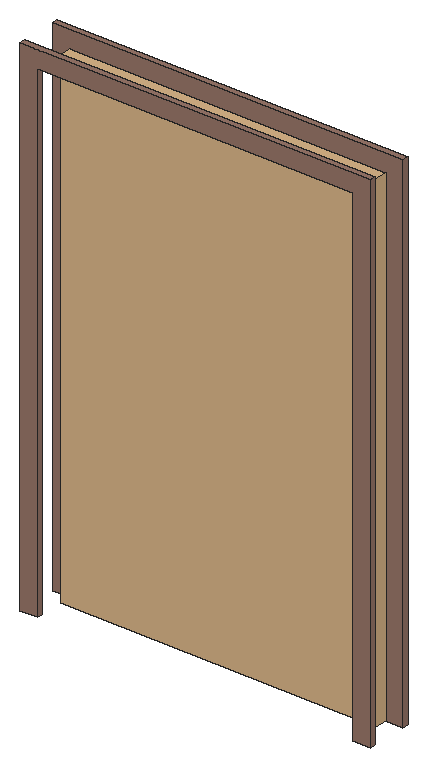
Revit family
Parameters (values of type "1372 x 2134mm")
  Width = 1372.00 mm
  Thickness = 51.00 mm
  Door Material = Door - Panel
  Frame Material = Door - Frame
  Height = 2134.00 mm
  Trim Projection Ext = 25.00 mm
  Trim Projection Int = 25.00 mm
  Trim Width = 76.00 mm
  Wall Closure = (empty or 0)
  Width_Large = 1016.00 mm
  Width_Small = Width - Width_Large  # 356.00 mm
Types (6, lengths in mm): name | Width | Height | Width_Large | Width_Small
  1321 x 2134mm | 1321.00 | 2134.00 | 966.00 | 355.00
  1372 x 2032mm | 1372.00 | 2032.00 | 1016.00 | 356.00
  1372 x 2134mm | 1372.00 | 2134.00 | 1016.00 | 356.00
  1220 x 2032mm | 1220.00 | 2032.00 | 865.00 | 355.00
  1118 x 2032mm | 1118.00 | 2032.00 | 763.00 | 355.00
  1270 x 2134mm | 1270.00 | 2134.00 | 915.00 | 355.00
Reference planes
  plane 1: y = 0
  plane 2: z = 0
  plane 3 "Center": x = -254
  plane 4 "Left": x = -1270
  plane 5 "Right": x = 102
  plane 6 "Top": z = 2134
Forms (mm)
  Extrusion 1, solid, material "Door - Frame" <- "Frame Material"
    sketch origin (-2286, 76.2, 0) x (-1, 0, 0) y (0, 0, 1)
      loop
        line (-2388, 2134) -> (-1016, 2134) -> (-1016, 0) -> (-940, 0) -> (-940, 2210) -> (-2464, 2210) -> (-2464, 0) -> (-2388, 0) -> (-2388, 2134)
    from 0 to 25
  Extrusion 2, solid, material "Door - Frame" <- "Frame Material"
    sketch origin (-2286, -76.2, 0) x (1, 0, 0) y (0, 0, 1)
      loop
        line (1016, 0) -> (1016, 2134) -> (2388, 2134) -> (2388, 0) -> (2464, 0) -> (2464, 2210) -> (940, 2210) -> (940, 0) -> (1016, 0)
    from 0 to 25
  Extrusion 3, solid, material "Door - Panel" <- "Door Material"
    sketch origin (0, 0, 0) x (1, 0, 0) y (0, 1, 0)
      loop
        line (-1270, 76.2) -> (-1270, 25.2) -> (102, 25.2) -> (102, 76.2) -> (-1270, 76.2)
    from 0 to 2134
Lines and regions (mm)
  Opening 1
    outline origin (-2286, -76.2, 0) x (1, 0, 0) y (0, 0, 1)
      loop
        line (1016, 0) -> (2388, 0) -> (2388, 2134) -> (1016, 2134) -> (1016, 0)
  symbolic lines, style "Plan Swing"
    curve 1: arc (-254, 76.2, 0) -> (-551.58, 794.62, 0) -> (-1270, 1092.2, 0) r 1016
    curve 12: arc (-254, 76.2, 0) -> (-149.73, 327.93, 0) -> (102, 432.2, 0) r 356
  symbolic lines, style "DoorsPanelProjection"
    curve 2: line (-1270, 76.2, 0) -> (-1219, 76.2, 0)
    curve 3: line (-1270, 76.2, 0) -> (-1270, 1090.798, 0)
    curve 4: line (-1270, 1090.798, 0) -> (-1216.651, 1090.798, 0)
    curve 5: line (-1219, 76.2, 0) -> (-1219, 1090.919, 0)
    curve 8: line (102, 76.2, 0) -> (51, 76.2, 0)
    curve 9: line (102, 76.2, 0) -> (102, 432.2, 0)
    curve 10: line (102, 432.2, 0) -> (51, 432.2, 0)
    curve 11: line (51, 76.2, 0) -> (51, 432.2, 0)
  model lines, style "DoorsPanelProjection"
    curve 6: line (-254, 76.2, 2134) -> (-254, 76.2, 0)
    curve 7: line (-254, 25.2, 2134) -> (-254, 25.2, 0)
  symbolic lines, style "Elevation Swing"
    curve 13: line (-254, 0, 2134) -> (-1270, 0, 1067)
    curve 14: line (-1270, 0, 1067) -> (-254, 0, 0)
    curve 15: line (-254, 0, 2134) -> (102, 0, 1067)
    curve 16: line (102, 0, 1067) -> (-254, 0, 0)
Text (mm)
  text "Exterior" at (-1852.85, 748.929, 0), in view "Floor Line"
  text "Interior" at (-1852.85, -701.767, 0), in view "Floor Line"
  text "Exterior" at (0, 1019.848, 3124.603), in view "Right"
  text "Interior" at (0, -1635.541, 3124.603), in view "Right"
  text "Interior" at (0, -762.224, 2974.944), in view "Left"
  text "Exterior" at (0, 1135.773, 2974.944), in view "Left"
Dimensions and locks
  "Trim Width": Extrusion 2 sketch curve to plane 4 "Left"
  "Trim Width": Extrusion 2 sketch curve to plane 5 "Right"
  "Trim Width": Extrusion 2 sketch curve to plane 6 "Top"
  "Trim Width": Extrusion 1 sketch curve to Extrusion 1 sketch curve  (x2)
  "Trim Width": Extrusion 1 sketch curve to plane 6 "Top"
  "Trim Projection Int": Extrusion 2 to host wall
  "Trim Projection Ext": Extrusion 1 to host wall
  plane 4 "Left" to plane 3 "Center" to plane 5 "Right" = 1016.00 mm, 356.00 mm
  "Thickness": curve 5 to curve 3
  "Thickness": Extrusion 1 to Extrusion 3 sketch curve
  "Width_Large": plane 4 "Left" to plane 3 "Center"
  "Width_Small": plane 3 "Center" to plane 5 "Right"
  level to plane 2 = 0.00 mm
  "Thickness": curve 11 to plane 5 "Right"
  "Height": plane 6 "Top" to level
  equal spacing: level, curve 14, plane 6 "Top"
  equal spacing: level, curve 16, plane 6 "Top"
  aligned and locked: plane 4 "Left" to Opening 1 sketch curve
  aligned and locked: plane 6 "Top" to Opening 1 sketch curve  (x2)
  aligned and locked: Opening 1 sketch curve to plane 5 "Right"
  aligned and locked: Opening 1 sketch curve to level
  aligned and locked: plane 6 "Top" to Extrusion 1 sketch curve  (x2)
  aligned and locked: plane 4 "Left" to Extrusion 1 sketch curve
  aligned and locked: Extrusion 1 sketch curve to plane 4 "Left"
  aligned and locked: level to Extrusion 1 sketch curve
  aligned and locked: plane 5 "Right" to Extrusion 1 sketch curve
  aligned and locked: Extrusion 1 to host wall
  aligned and locked: plane 4 "Left" to Extrusion 2 sketch curve
  aligned and locked: plane 6 "Top" to Extrusion 2 sketch curve  (x2)
  aligned and locked: plane 5 "Right" to Extrusion 2 sketch curve  (x2)
  aligned and locked: level to Extrusion 2 sketch curve
  aligned and locked: Extrusion 2 sketch curve to level
  aligned and locked: Extrusion 2 to host wall
  aligned and locked: Extrusion 1 to Extrusion 3 sketch curve
  aligned and locked: Extrusion 3 to host wall
  aligned and locked: curve 8 to Extrusion 3
  aligned and locked: curve 8 to Extrusion 1
  aligned and locked: plane 5 "Right" to host wall  (x2)
  aligned and locked: Extrusion 1 sketch curve to level
  aligned and locked: Extrusion 2 sketch curve to Extrusion 1
  aligned and locked: Extrusion 1 to curve 2
  aligned and locked: level to plane 2
Automatic sketch dimensions
  Extrusion 3 sketch curve to plane 4 "Left" = 0.00 mm
  Extrusion 3 sketch curve to plane 5 "Right" = 0.00 mm
  curve 1 to plane 4 "Left" = 0.00 mm
  curve 2 to plane 4 "Left" = 0.00 mm
  curve 1 to plane 3 "Center" = 0.00 mm
  curve 12 to plane 3 "Center" = 0.00 mm
  curve 5 to curve 4 = 2.349 mm
  curve 2 to curve 1 = 0.00 mm
  curve 15 to plane 3 "Center" = 0.00 mm
  curve 15 to plane 6 "Top" = 0.00 mm
  curve 7 to plane 3 "Center" = 0.00 mm
  curve 7 to plane 6 "Top" = 0.00 mm
  curve 6 to plane 3 "Center" = 0.00 mm
  curve 6 to plane 6 "Top" = 0.00 mm
  curve 13 to plane 4 "Left" = 0.00 mm
  curve 15 to plane 5 "Right" = 0.00 mm
  curve 7 to level = 0.00 mm
  curve 6 to level = 0.00 mm
  curve 16 to level = 0.00 mm
  curve 14 to plane 3 "Center" = 0.00 mm
